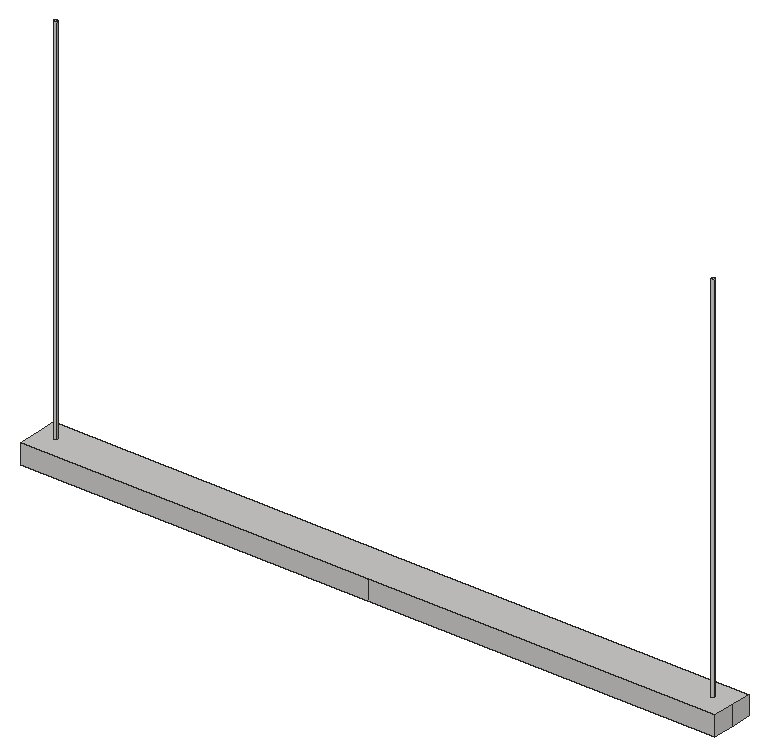
Revit family "Lighting_Pendants_Zero_Grid_Pendant", category Lighting Fixtures, Revit 2020
Family settings
  Round Connector Dimension = Use Diameter
  Part Type = Normal
  OmniClass Number = 23.80.70.00
  OmniClass Title = Lighting
  Work Plane-Based = Yes
  Always vertical = Yes
  Cut with Voids When Loaded = No
  Light Source = Yes
  Shared = No
  Room Calculation Point = No
Parameters (values of type "Grid pendant Expanded LED 1414LM/19W")
  Youtube clip = ""
  Weight Net (Kg) = "4.7"
  Wattage = 9.5192 W
  WarrantyStartDate [instance] = "n/a"
  WarrantyGuarantorParts = "n/a"
  WarrantyGuarantorLabor = "n/a"
  WarrantyDurationUnit = "Year"
  WarrantyDurationParts = "n/a"
  WarrantyDurationLabor = "n/a"
  WarrantyDescription = "n/a"
  built-in parameter 1150110 = 1 (stored number, unit not read)
  VersionDate = "31/08/2023"  # constant formula
  Version = "3"  # constant formula
  UsageCurrent = 0 A
  Uniformat II Description = ""
  Uniformat II Code = ""
  Uniclass2015Reference = "Pr_70_70_48_86"
  Uniclass2015Description = "Suspended luminaires"
  Uniclass2 = "Pr_70_70_49_86"
  Uniclass 2015 Name = "Suspended luminaires"
  Uniclass 2015 Code = "Pr_70_70_48_86"
  Uniclass 2.0 Description = ""
  Uniclass 2.0 Code = ""
  Uniclass 1.4 Description = ""
  Uniclass 1.4 Code = ""
  URL = "https://www.zerolighting.com/grid-inompe/"
  UNSPSC Code = ""
  TotalWattage = 19 W
  built-in parameter 1114217 = 1 (stored number, unit not read)
  Tilt Angle = 90.00°
  built-in parameter 1150109 = 1 (stored number, unit not read)
  built-in parameter 1150134 = (empty or 0)
  Technical description = ""
  TagNumber [instance] = "n/a"
  SustainabilityPerformance = "n/a"
  built-in parameter 1150113 = 1 (stored number, unit not read)
  Size = "1250x96x96 mm"
  Shape = "Rectangle"
  SerialNumber [instance] = "n/a"
  Revision = "5"  # constant formula
  ReplacementCost = "n/a"
  Region South America = "None"
  Region Oceania = "AU, NZ"
  Region North America = "BZ, CR, GT, HN, MX, NI, PA, SV, US"
  Region Middle East = "AE"
  Region Europe = "AD, AL, AT, AX, BA, BE, BG, BY, CH, CY, CZ, DE, DK, EE, ES, FI, FO, FR, GB, GG, GI, GR, HR, HU, IE, IM, IS, IT, JE, LI, LT, LU, LV, MC, MD, ME, MK, MT, NL, NO, PL, PT, RO, RS, RU, SE, SI, SJ, SK, SM, UA, VA"
  Region Asia = "HK, JP, SG"
  Region Antarctica = "None"
  Region Africa = "None"
  ProductInformation = "n/a"
  Product group = "Pendant"
  Product family = "Grid"
  Product certification = ""
  Product SKU = "Grid_pendant"
  Product Guid = "d8272743-f451-4078-9d0f-320cd1069b3e"
  Photometric Web File = "Grid81271.IES"
  PhaseReference = "n/a"
  PhaseAngle = 0.00°
  OmniClass Description = ""
  OmniClass Code = ""
  NumberOfSources = 0
  NumberOfPoles = 1
  Note = "Code varies with colour: -XX = -14 Yellow, -41 Orange, -76 Metal, -77 Gold"
  Nominal_Width = 96 mm
  Nominal_Height = 97.7 mm
  NominalVoltageCalc = 0 V
  NominalVoltage = 230 V
  NominalFrequencyRange = 50 Hz
  NominalCurrent = 0 A
  Nominal_Length = 1250 mm
  Nominal width = 1250 mm
  Nominal height = 96 mm
  Name = "Zero_Grid_Pendant"
  NBSReference = "90-60-50/405"
  NBSDescription = "General purpose luminaires"
  NBS Reference Description = "General-Purpose Luminaires"
  NBS Reference Code = "70-50-34"
  ModelType = grid-pendant-fencing : grid-pendant-fencing
  ModelReference = "n/a"
  ModelNumber = "8127-1-XX"
  Model = "Grid pendant Expanded metal LED 1414LM/19W"
  Material secondary = ""
  Material main = "Steel"
  Material = "Metal"
  Masterformat 2014 Description = ""
  Masterformat 2014 Code = ""
  ManufacturersSpecificInformation = "n/a"
  ManufacturerURL = "https://www.zerolighting.com/"
  ManufacturerName = "Zero"
  Manufacturer name = "ZERO"
  Manufacturer country = "Sweden"
  Manufacturer = "Zero"
  MaintenanceFactor = 0
  Lumens = 1414 lm
  built-in parameter 1150115 = 1 (stored number, unit not read)
  built-in parameter 1150105 = 116.99 (stored number, unit not read)
  LightFixturePlacingType = "Ceiling"
  LightFixtureMountingType = "Suspended"
  LightFixtureMainMaterial [instance] = Metal
  built-in parameter 1150137 = (empty or 0)
  built-in parameter 1150139 = (empty or 0)
  LensMaterial = Glass
  built-in parameter 1150112 = 1 (stored number, unit not read)
  built-in parameter 1150114 = 1 (stored number, unit not read)
  InsulationStandardClass = "n/a"
  InstallationDate [instance] = "n/a"
  Installation instructions = ""
  built-in parameter 1150132 = 2
  built-in parameter 1150102 = (empty or 0)
  built-in parameter 1150138 = (empty or 0)
  built-in parameter 1150107 = 3000 (stored number, unit not read)
  built-in parameter 1150106 = 1.1699 (stored number, unit not read)
  IfcExportType = "NOTDEFINED"  # constant formula
  IfcExportAs = "IfcLightFixtureType"  # constant formula
  IP_Code = "IP20"
  IFC Classification = "Light Fixture"
  HasProtectiveEarth = yes
  GTIN code = ""
  Emit from Rectangle Width = 96 mm
  Emit from Rectangle Length = 1250 mm
  Emit Shape Visible in Rendering = no
  Edition number = 1
  Dimming = "None"
  Grade = "n/a"
  Finish = "Raw finish, welding visible through transparent varnish \r\nand one can see weldings through the transparent varnish"
  Features = "Cable and plug, when HFF without plug"
  ExpectedLife = "n/a"
  ElectricalDeviceNominalPower = 0
  built-in parameter 1150104 = 13.8 (stored number, unit not read)
  EANNumber = "n/a"
  DurationUnit = "Year"
  Dimming Lamp Color Temperature Shift = <None>
  Designer = "Front Design 2011"
  Design country = "Sweden"
  DefaultElevation = 0 mm
  Default Elevation [instance] = 1219.2 mm
  Date of publishing = "5/20/2019"
  Constituents = "n/a"
  Color Filter = 16777215
  Color = "-XX = -14 Yellow, -41 Orange, -76 Metal, -77 Gold"
  Collection = "Grid"
  CodePerformance = "n/a"
  Category = "Pendant"
  CableLength [instance] = 600 mm
  COBIe Type Category = ""
  Brand url = "http://www.zero.se"
  Brand = "Zero"
  Barcode [instance] = "n/a"
  built-in parameter 1114218 = 1 (stored number, unit not read)
  BIMObjectName = "Lighting_Pendants_Zero_Grid_Pendant"  # constant formula
  Author = "BIMstone"  # constant formula
  built-in parameter 1150133 = 10 (stored number, unit not read)
  AssetType = "Fixed"
  AssetIdentifier [instance] = "n/a"
  ArticleNumber = "8127-1-XX"
  Accessories = "Reflector LED (98126-1-82), Pull switch (98131-1-82)"
  AccessibilityPerformance = "n/a"
Reference planes
  plane 1 "Light Source Axis (F/B)": y = 0
  plane 2: z = 0
  plane 3 "Light Source Axis (L/R)": x = 0
  plane 4 "Ceiling": z = 0
  plane 5 "Light Source Elevation": z = -636
  plane 6: y = 48
  plane 7: y = -48
  plane 8: x = -625
  plane 9: x = 625
  plane 10: z = -600
  plane 11: z = -697.7
  plane 12: z = 0
Forms (mm)
  Extrusion 1, solid, material "Metal", detail levels medium+fine
    sketch origin (0, 0, -636) x (-1, 0, 0) y (0, -1, 0)
      loop
        circle (527.583, 0) r 2.5
      loop
        circle (-527.583, 0) r 2.5
    from 36 to 636
  Extrusion 2, solid, material "Metal" <- "LightFixtureMainMaterial", detail levels coarse
    sketch origin (0, 0, 0) x (1, 0, 0) y (0, 0, 1)
      loop
        line (625, 0) -> (-625, 0) -> (-625, -697.7) -> (625, -697.7) -> (625, 0)
    from -48 to 48
Lines and regions (mm)
  symbolic lines, detail levels medium+fine
    curve 1: line (0, -2.5, -600) -> (0, -2.5, 0)
    curve 2: line (0, 2.5, 0) -> (0, 2.5, -600)
    curve 7: line (530.083, 0, 0) -> (530.083, 0, -600)
    curve 8: line (525.083, 0, -600) -> (525.083, 0, 0)
    curve 9: line (-525.083, 0, 0) -> (-525.083, 0, -600)
    curve 10: line (-530.083, 0, -600) -> (-530.083, 0, 0)
  symbolic lines, detail levels coarse
    curve 3: line (625, 0, -697.7) -> (-625, 0, -697.7)
    curve 4: line (625, 0, 0) -> (625, 0, -697.7)
    curve 5: line (-625, 0, 0) -> (625, 0, 0)
    curve 6: line (-625, 0, -697.7) -> (-625, 0, 0)
    curve 11: line (0, 48, 0) -> (0, -48, 0)
    curve 12: line (0, 48, -697.7) -> (0, 48, 0)
    curve 13: line (0, -48, -697.7) -> (0, 48, -697.7)
    curve 14: line (0, -48, 0) -> (0, -48, -697.7)
    curve 16: line (625, -48, 0) -> (625, 48, 0)
    curve 18: line (-625, 48, 0) -> (-625, -48, 0)
  symbolic lines
    curve 15: line (625, 48, 0) -> (-625, 48, 0)
    curve 17: line (-625, -48, 0) -> (625, -48, 0)
Dimensions and locks
  equal spacing: plane 6, plane 1 "Light Source Axis (F/B)", plane 7
  "Nominal_Width": plane 6 to plane 7
  equal spacing: plane 8, plane 3 "Light Source Axis (L/R)", plane 9
  "Nominal_Length": plane 8 to plane 9
  "CableLength": plane 10 to level
  "Nominal_Height": plane 11 to plane 10
  plane 5 "Light Source Elevation" to plane 10 = 36 mm
  aligned and locked: plane 3 "Light Source Axis (L/R)" to imposter light
  aligned and locked: plane 1 "Light Source Axis (F/B)" to imposter light
  aligned and locked: plane 5 "Light Source Elevation" to imposter light
  aligned and locked: level to Extrusion 1
  aligned and locked: Extrusion 1 to plane 10
  aligned and locked: Extrusion 1 to level
  aligned and locked: curve 5 to plane 2
  aligned and locked: curve 6 to plane 8
  aligned and locked: curve 8 to Extrusion 1
  aligned and locked: curve 9 to Extrusion 1
  aligned and locked: curve 10 to Extrusion 1
  aligned and locked: level to curve 11
  aligned and locked: plane 6 to curve 12
  aligned and locked: curve 15 to plane 6
  aligned and locked: plane 9 to curve 16
  aligned and locked: curve 17 to plane 7
  aligned and locked: curve 18 to plane 8
  aligned and locked: plane 10 to nested 1
  aligned and locked: Extrusion 2 sketch curve to curve 3
  aligned and locked: Extrusion 2 sketch curve to curve 6
  aligned and locked: plane 9 to Extrusion 2 sketch curve
  aligned and locked: plane 6 to Extrusion 2
  aligned and locked: Extrusion 2 to plane 7
Automatic sketch dimensions
  plane 1 "Light Source Axis (F/B)" to Extrusion 1 sketch curve = 0 mm  (x2)
  plane 9 to Extrusion 1 sketch curve = 97.417 mm
  Extrusion 1 sketch curve to plane 8 = 97.417 mm
  curve 10 to plane 10 = 0 mm
  curve 7 to plane 10 = 0 mm
  curve 8 to plane 10 = 0 mm
  curve 9 to plane 10 = 0 mm
  curve 8 to curve 7 = 5 mm
  plane 10 to curve 1 = 0 mm
  plane 10 to curve 2 = 0 mm
  plane 1 "Light Source Axis (F/B)" to curve 1 = 2.5 mm
  curve 2 to plane 1 "Light Source Axis (F/B)" = 2.5 mm
  curve 11 to plane 7 = 0 mm
  curve 12 to plane 11 = 0 mm
  plane 9 to curve 4 = 0 mm
  curve 3 to plane 11 = 0 mm
  Extrusion 2 sketch curve to level = 0 mm
Nested families
  nested 1: "grid-pendant-fencing" at (0, 0, -697.697), type <- "ModelType", GridMaterial <- "LightFixtureMainMaterial", LightMaterial <- "LightFixtureMainMaterial", type "grid-pendant-fencing"
    with LightMaterial Metal, GridMaterial Metal
Connectors
  electrical at (527.583, 0, 0), driven by "NominalVoltage"
    settings: on Extrusion 1, index 1, voltage 230 V, apparent load 0 VA, apparent load phase1 0 VA, apparent load phase2 0 VA, apparent load phase3 0 VA, power factor 1, load classification "Other", number of poles 1, system type 31, power factor state 1, is connector primary yes, connector utility no, sub classification motor no, connector description ""
Definition of nested family "grid-pendant-fencing"
  Parameters (values of type "grid-pendant-fencing")
    LightMaterial [instance] = none
    GridMaterial [instance] = none
    Default Elevation = 0 mm
  Reference planes
    plane 1 "Center (Front/Back)": y = 0
    plane 2: z = 0
    plane 3 "Center (Left/Right)": x = 0
  Forms (mm)
    Extrusion 1, solid, material <- "LightMaterial", detail levels medium+fine
      sketch origin (0, 0, 0.849) x (1, 0, 0) y (0, 1, 0)
        loop
          line (-557.205, 33.529) -> (-557.205, 0) -> (-557.205, -33.529) -> (0, -33.529) -> (557.205, -33.529) -> (557.205, 0) -> (557.205, 33.529) -> (0, 33.529) -> (-557.205, 33.529)
      from 63.465 to 94.802
  Lines and regions (mm)
    model lines, detail levels medium+fine
      curve 1: line (625, 47.747, 0) -> (-625.035, 47.747, 0)
      curve 2: line (-625.035, 46.899, 0) -> (-625.035, 47.747, 0)
      curve 3: line (-625.029, -48.253, 0) -> (625, -48.253, 0)
      curve 4: line (625, -48.253, 0) -> (625, 47.747, 0)
      curve 5: line (-624.479, 47.747, 0) -> (-576.461, -48.253, 0)
      curve 6: line (-625, 24.797, 0) -> (-588.461, -48.253, 0)
      curve 7: line (-625, 0.806, 0) -> (-600.461, -48.253, 0)
      curve 8: line (-625, -23.185, 0) -> (-612.461, -48.253, 0)
      curve 9: line (-612.479, 47.747, 0) -> (-564.461, -48.253, 0)
      curve 10: line (-600.479, 47.747, 0) -> (-552.461, -48.253, 0)
      curve 11: line (-588.479, 47.747, 0) -> (-540.461, -48.253, 0)
      curve 12: line (-576.479, 47.747, 0) -> (-528.461, -48.253, 0)
      curve 13: line (-564.479, 47.747, 0) -> (-516.461, -48.253, 0)
      curve 14: line (-552.479, 47.747, 0) -> (-504.461, -48.253, 0)
      curve 15: line (-540.479, 47.747, 0) -> (-492.461, -48.253, 0)
      curve 16: line (-528.479, 47.747, 0) -> (-480.461, -48.253, 0)
      curve 17: line (-516.479, 47.747, 0) -> (-468.461, -48.253, 0)
      curve 18: line (-504.479, 47.747, 0) -> (-456.461, -48.253, 0)
      curve 19: line (-492.479, 47.747, 0) -> (-444.461, -48.253, 0)
      curve 20: line (-480.479, 47.747, 0) -> (-432.461, -48.253, 0)
      curve 21: line (-468.479, 47.747, 0) -> (-420.461, -48.253, 0)
      curve 22: line (-456.479, 47.747, 0) -> (-408.461, -48.253, 0)
      curve 23: line (-444.479, 47.747, 0) -> (-396.461, -48.253, 0)
      curve 24: line (-432.479, 47.747, 0) -> (-384.461, -48.253, 0)
      curve 25: line (-420.479, 47.747, 0) -> (-372.461, -48.253, 0)
      curve 26: line (-408.479, 47.747, 0) -> (-360.461, -48.253, 0)
      curve 27: line (-396.479, 47.747, 0) -> (-348.461, -48.253, 0)
      curve 28: line (-384.479, 47.747, 0) -> (-336.461, -48.253, 0)
      curve 29: line (-372.479, 47.747, 0) -> (-324.461, -48.253, 0)
      curve 30: line (-360.479, 47.747, 0) -> (-312.461, -48.253, 0)
      curve 31: line (-348.479, 47.747, 0) -> (-300.461, -48.253, 0)
      curve 32: line (-336.479, 47.747, 0) -> (-288.461, -48.253, 0)
      curve 33: line (-324.479, 47.747, 0) -> (-276.461, -48.253, 0)
      curve 34: line (-312.479, 47.747, 0) -> (-264.461, -48.253, 0)
      curve 35: line (-300.479, 47.747, 0) -> (-252.461, -48.253, 0)
      curve 36: line (-288.479, 47.747, 0) -> (-240.461, -48.253, 0)
      curve 37: line (-276.479, 47.747, 0) -> (-228.461, -48.253, 0)
      curve 38: line (-264.479, 47.747, 0) -> (-216.461, -48.253, 0)
      curve 39: line (-252.479, 47.747, 0) -> (-204.461, -48.253, 0)
      curve 40: line (-240.479, 47.747, 0) -> (-192.461, -48.253, 0)
      curve 41: line (-228.479, 47.747, 0) -> (-180.461, -48.253, 0)
      curve 42: line (-216.479, 47.747, 0) -> (-168.461, -48.253, 0)
      curve 43: line (-204.479, 47.747, 0) -> (-156.461, -48.253, 0)
      curve 44: line (-192.479, 47.747, 0) -> (-144.461, -48.253, 0)
      curve 45: line (-180.479, 47.747, 0) -> (-132.461, -48.253, 0)
      curve 46: line (-168.479, 47.747, 0) -> (-120.461, -48.253, 0)
      curve 47: line (-156.479, 47.747, 0) -> (-108.461, -48.253, 0)
      curve 48: line (-144.479, 47.747, 0) -> (-96.461, -48.253, 0)
      curve 49: line (-132.479, 47.747, 0) -> (-84.461, -48.253, 0)
      curve 50: line (-120.479, 47.747, 0) -> (-72.461, -48.253, 0)
      curve 51: line (-108.479, 47.747, 0) -> (-60.461, -48.253, 0)
      curve 52: line (-96.479, 47.747, 0) -> (-48.461, -48.253, 0)
      curve 53: line (-84.479, 47.747, 0) -> (-36.461, -48.253, 0)
      curve 54: line (-72.479, 47.747, 0) -> (-24.461, -48.253, 0)
      curve 55: line (-60.479, 47.747, 0) -> (-12.461, -48.253, 0)
      curve 56: line (-48.479, 47.747, 0) -> (-0.461, -48.253, 0)
      curve 57: line (-36.479, 47.747, 0) -> (11.539, -48.253, 0)
      curve 58: line (-24.479, 47.747, 0) -> (23.539, -48.253, 0)
      curve 59: line (-12.479, 47.747, 0) -> (35.539, -48.253, 0)
      curve 60: line (-0.479, 47.747, 0) -> (47.539, -48.253, 0)
      curve 61: line (11.521, 47.747, 0) -> (59.539, -48.253, 0)
      curve 62: line (23.521, 47.747, 0) -> (71.539, -48.253, 0)
      curve 63: line (35.521, 47.747, 0) -> (83.539, -48.253, 0)
      curve 64: line (47.521, 47.747, 0) -> (95.539, -48.253, 0)
      curve 65: line (59.521, 47.747, 0) -> (107.539, -48.253, 0)
      curve 66: line (71.521, 47.747, 0) -> (119.539, -48.253, 0)
      curve 67: line (83.521, 47.747, 0) -> (131.539, -48.253, 0)
      curve 68: line (95.521, 47.747, 0) -> (143.539, -48.253, 0)
      curve 69: line (107.521, 47.747, 0) -> (155.539, -48.253, 0)
      curve 70: line (119.521, 47.747, 0) -> (167.539, -48.253, 0)
      curve 71: line (131.521, 47.747, 0) -> (179.539, -48.253, 0)
      curve 72: line (143.521, 47.747, 0) -> (191.539, -48.253, 0)
      curve 73: line (155.521, 47.747, 0) -> (203.539, -48.253, 0)
      curve 74: line (167.521, 47.747, 0) -> (215.539, -48.253, 0)
      curve 75: line (179.521, 47.747, 0) -> (227.539, -48.253, 0)
      curve 76: line (191.521, 47.747, 0) -> (239.539, -48.253, 0)
      curve 77: line (203.521, 47.747, 0) -> (251.539, -48.253, 0)
      curve 78: line (215.521, 47.747, 0) -> (263.539, -48.253, 0)
      curve 79: line (227.521, 47.747, 0) -> (275.539, -48.253, 0)
      curve 80: line (239.521, 47.747, 0) -> (287.539, -48.253, 0)
      curve 81: line (251.521, 47.747, 0) -> (299.539, -48.253, 0)
      curve 82: line (263.521, 47.747, 0) -> (311.539, -48.253, 0)
      curve 83: line (275.521, 47.747, 0) -> (323.539, -48.253, 0)
      curve 84: line (287.521, 47.747, 0) -> (335.539, -48.253, 0)
      curve 85: line (299.521, 47.747, 0) -> (347.539, -48.253, 0)
      curve 86: line (311.521, 47.747, 0) -> (359.539, -48.253, 0)
      curve 87: line (323.521, 47.747, 0) -> (371.539, -48.253, 0)
      curve 88: line (335.521, 47.747, 0) -> (383.539, -48.253, 0)
      curve 89: line (347.521, 47.747, 0) -> (395.539, -48.253, 0)
      curve 90: line (359.521, 47.747, 0) -> (407.539, -48.253, 0)
      curve 91: line (371.521, 47.747, 0) -> (419.539, -48.253, 0)
      curve 92: line (383.521, 47.747, 0) -> (431.539, -48.253, 0)
      curve 93: line (395.521, 47.747, 0) -> (443.539, -48.253, 0)
      curve 94: line (407.521, 47.747, 0) -> (455.539, -48.253, 0)
      curve 95: line (419.521, 47.747, 0) -> (467.539, -48.253, 0)
      curve 96: line (431.521, 47.747, 0) -> (479.539, -48.253, 0)
      curve 97: line (443.521, 47.747, 0) -> (491.539, -48.253, 0)
      curve 98: line (455.521, 47.747, 0) -> (503.539, -48.253, 0)
      curve 99: line (467.521, 47.747, 0) -> (515.539, -48.253, 0)
      curve 100: line (479.521, 47.747, 0) -> (527.539, -48.253, 0)
      curve 101: line (491.521, 47.747, 0) -> (539.539, -48.253, 0)
      curve 102: line (503.521, 47.747, 0) -> (551.539, -48.253, 0)
      curve 103: line (515.521, 47.747, 0) -> (563.539, -48.253, 0)
      curve 104: line (527.521, 47.747, 0) -> (575.539, -48.253, 0)
      curve 105: line (539.521, 47.747, 0) -> (587.539, -48.253, 0)
      curve 106: line (551.521, 47.747, 0) -> (599.539, -48.253, 0)
      curve 107: line (563.521, 47.747, 0) -> (611.539, -48.253, 0)
      curve 108: line (575.521, 47.747, 0) -> (623.539, -48.253, 0)
      curve 109: line (587.521, 47.747, 0) -> (625, -27.183, 0)
      curve 110: line (599.521, 47.747, 0) -> (625, -3.192, 0)
      curve 111: line (611.521, 47.747, 0) -> (625, 20.799, 0)
      curve 112: line (623.521, 47.747, 0) -> (625, 44.79, 0)
      curve 113: line (-625.035, 47.747, 0) -> (625, 47.747, 0)
      curve 114: line (625, -48.253, 0) -> (-625.029, -48.253, 0)
      curve 115: line (624.479, 47.747, 0) -> (576.461, -48.253, 0)
      curve 116: line (625, 24.797, 0) -> (588.461, -48.253, 0)
      curve 117: line (625, 0.806, 0) -> (600.461, -48.253, 0)
      curve 118: line (625, -23.185, 0) -> (612.461, -48.253, 0)
      curve 119: line (612.479, 47.747, 0) -> (564.461, -48.253, 0)
      curve 120: line (600.479, 47.747, 0) -> (552.461, -48.253, 0)
      curve 121: line (588.479, 47.747, 0) -> (540.461, -48.253, 0)
      curve 122: line (576.479, 47.747, 0) -> (528.461, -48.253, 0)
      curve 123: line (564.479, 47.747, 0) -> (516.461, -48.253, 0)
      curve 124: line (552.479, 47.747, 0) -> (504.461, -48.253, 0)
      curve 125: line (540.479, 47.747, 0) -> (492.461, -48.253, 0)
      curve 126: line (528.479, 47.747, 0) -> (480.461, -48.253, 0)
      curve 127: line (516.479, 47.747, 0) -> (468.461, -48.253, 0)
      curve 128: line (504.479, 47.747, 0) -> (456.461, -48.253, 0)
      curve 129: line (492.479, 47.747, 0) -> (444.461, -48.253, 0)
      curve 130: line (480.479, 47.747, 0) -> (432.461, -48.253, 0)
      curve 131: line (468.479, 47.747, 0) -> (420.461, -48.253, 0)
      curve 132: line (456.479, 47.747, 0) -> (408.461, -48.253, 0)
      curve 133: line (444.479, 47.747, 0) -> (396.461, -48.253, 0)
      curve 134: line (432.479, 47.747, 0) -> (384.461, -48.253, 0)
      curve 135: line (420.479, 47.747, 0) -> (372.461, -48.253, 0)
      curve 136: line (408.479, 47.747, 0) -> (360.461, -48.253, 0)
      curve 137: line (396.479, 47.747, 0) -> (348.461, -48.253, 0)
      curve 138: line (384.479, 47.747, 0) -> (336.461, -48.253, 0)
      curve 139: line (372.479, 47.747, 0) -> (324.461, -48.253, 0)
      curve 140: line (360.479, 47.747, 0) -> (312.461, -48.253, 0)
      curve 141: line (348.479, 47.747, 0) -> (300.461, -48.253, 0)
      curve 142: line (336.479, 47.747, 0) -> (288.461, -48.253, 0)
      curve 143: line (324.479, 47.747, 0) -> (276.461, -48.253, 0)
      curve 144: line (312.479, 47.747, 0) -> (264.461, -48.253, 0)
      curve 145: line (300.479, 47.747, 0) -> (252.461, -48.253, 0)
      curve 146: line (288.479, 47.747, 0) -> (240.461, -48.253, 0)
      curve 147: line (276.479, 47.747, 0) -> (228.461, -48.253, 0)
      curve 148: line (264.479, 47.747, 0) -> (216.461, -48.253, 0)
      curve 149: line (252.479, 47.747, 0) -> (204.461, -48.253, 0)
      curve 150: line (240.479, 47.747, 0) -> (192.461, -48.253, 0)
      curve 151: line (228.479, 47.747, 0) -> (180.461, -48.253, 0)
      curve 152: line (216.479, 47.747, 0) -> (168.461, -48.253, 0)
      curve 153: line (204.479, 47.747, 0) -> (156.461, -48.253, 0)
      curve 154: line (192.479, 47.747, 0) -> (144.461, -48.253, 0)
      curve 155: line (180.479, 47.747, 0) -> (132.461, -48.253, 0)
      curve 156: line (168.479, 47.747, 0) -> (120.461, -48.253, 0)
      curve 157: line (156.479, 47.747, 0) -> (108.461, -48.253, 0)
      curve 158: line (144.479, 47.747, 0) -> (96.461, -48.253, 0)
      curve 159: line (132.479, 47.747, 0) -> (84.461, -48.253, 0)
      curve 160: line (120.479, 47.747, 0) -> (72.461, -48.253, 0)
      curve 161: line (108.479, 47.747, 0) -> (60.461, -48.253, 0)
      curve 162: line (96.479, 47.747, 0) -> (48.461, -48.253, 0)
      curve 163: line (84.479, 47.747, 0) -> (36.461, -48.253, 0)
      curve 164: line (72.479, 47.747, 0) -> (24.461, -48.253, 0)
      curve 165: line (60.479, 47.747, 0) -> (12.461, -48.253, 0)
      curve 166: line (48.479, 47.747, 0) -> (0.461, -48.253, 0)
      curve 167: line (36.479, 47.747, 0) -> (-11.539, -48.253, 0)
      curve 168: line (24.479, 47.747, 0) -> (-23.539, -48.253, 0)
      curve 169: line (12.479, 47.747, 0) -> (-35.539, -48.253, 0)
      curve 170: line (0.479, 47.747, 0) -> (-47.539, -48.253, 0)
      curve 171: line (-11.521, 47.747, 0) -> (-59.539, -48.253, 0)
      curve 172: line (-23.521, 47.747, 0) -> (-71.539, -48.253, 0)
      curve 173: line (-35.521, 47.747, 0) -> (-83.539, -48.253, 0)
      curve 174: line (-47.521, 47.747, 0) -> (-95.539, -48.253, 0)
      curve 175: line (-59.521, 47.747, 0) -> (-107.539, -48.253, 0)
      curve 176: line (-71.521, 47.747, 0) -> (-119.539, -48.253, 0)
      curve 177: line (-83.521, 47.747, 0) -> (-131.539, -48.253, 0)
      curve 178: line (-95.521, 47.747, 0) -> (-143.539, -48.253, 0)
      curve 179: line (-107.521, 47.747, 0) -> (-155.539, -48.253, 0)
      curve 180: line (-119.521, 47.747, 0) -> (-167.539, -48.253, 0)
      curve 181: line (-131.521, 47.747, 0) -> (-179.539, -48.253, 0)
      curve 182: line (-143.521, 47.747, 0) -> (-191.539, -48.253, 0)
      curve 183: line (-155.521, 47.747, 0) -> (-203.539, -48.253, 0)
      curve 184: line (-167.521, 47.747, 0) -> (-215.539, -48.253, 0)
      curve 185: line (-179.521, 47.747, 0) -> (-227.539, -48.253, 0)
      curve 186: line (-191.521, 47.747, 0) -> (-239.539, -48.253, 0)
      curve 187: line (-203.521, 47.747, 0) -> (-251.539, -48.253, 0)
      curve 188: line (-215.521, 47.747, 0) -> (-263.539, -48.253, 0)
      curve 189: line (-227.521, 47.747, 0) -> (-275.539, -48.253, 0)
      curve 190: line (-239.521, 47.747, 0) -> (-287.539, -48.253, 0)
      curve 191: line (-251.521, 47.747, 0) -> (-299.539, -48.253, 0)
      curve 192: line (-263.521, 47.747, 0) -> (-311.539, -48.253, 0)
      curve 193: line (-275.521, 47.747, 0) -> (-323.539, -48.253, 0)
      curve 194: line (-287.521, 47.747, 0) -> (-335.539, -48.253, 0)
      curve 195: line (-299.521, 47.747, 0) -> (-347.539, -48.253, 0)
      curve 196: line (-311.521, 47.747, 0) -> (-359.539, -48.253, 0)
      curve 197: line (-323.521, 47.747, 0) -> (-371.539, -48.253, 0)
      curve 198: line (-335.521, 47.747, 0) -> (-383.539, -48.253, 0)
      curve 199: line (-347.521, 47.747, 0) -> (-395.539, -48.253, 0)
      curve 200: line (-359.521, 47.747, 0) -> (-407.539, -48.253, 0)
      curve 201: line (-371.521, 47.747, 0) -> (-419.539, -48.253, 0)
      curve 202: line (-383.521, 47.747, 0) -> (-431.539, -48.253, 0)
      curve 203: line (-395.521, 47.747, 0) -> (-443.539, -48.253, 0)
      curve 204: line (-407.521, 47.747, 0) -> (-455.539, -48.253, 0)
      curve 205: line (-419.521, 47.747, 0) -> (-467.539, -48.253, 0)
      curve 206: line (-431.521, 47.747, 0) -> (-479.539, -48.253, 0)
      curve 207: line (-443.521, 47.747, 0) -> (-491.539, -48.253, 0)
      curve 208: line (-455.521, 47.747, 0) -> (-503.539, -48.253, 0)
      curve 209: line (-467.521, 47.747, 0) -> (-515.539, -48.253, 0)
      curve 210: line (-479.521, 47.747, 0) -> (-527.539, -48.253, 0)
      curve 211: line (-491.521, 47.747, 0) -> (-539.539, -48.253, 0)
      curve 212: line (-503.521, 47.747, 0) -> (-551.539, -48.253, 0)
      curve 213: line (-515.521, 47.747, 0) -> (-563.539, -48.253, 0)
      curve 214: line (-527.521, 47.747, 0) -> (-575.539, -48.253, 0)
      curve 215: line (-539.521, 47.747, 0) -> (-587.539, -48.253, 0)
      curve 216: line (-551.521, 47.747, 0) -> (-599.539, -48.253, 0)
      curve 217: line (-563.521, 47.747, 0) -> (-611.539, -48.253, 0)
      curve 218: line (-575.521, 47.747, 0) -> (-623.539, -48.253, 0)
      curve 219: line (-587.521, 47.747, 0) -> (-625, -27.183, 0)
      curve 220: line (-599.521, 47.747, 0) -> (-625, -3.192, 0)
      curve 221: line (-611.521, 47.747, 0) -> (-625, 20.799, 0)
      curve 222: line (-623.521, 47.747, 0) -> (-625, 44.79, 0)
      curve 223: line (625, 47.747, 0) -> (-625.035, 47.747, 0)
      curve 224: line (-625.029, -48.253, 0) -> (625, -48.253, 0)
      curve 225: line (-624.473, 47.747, 0) -> (-576.455, -48.253, 0)
      curve 226: line (-625, 24.81, 0) -> (-588.455, -48.253, 0)
      curve 227: line (-625, 0.819, 0) -> (-600.455, -48.253, 0)
      curve 228: line (-625, -23.172, 0) -> (-612.455, -48.253, 0)
      curve 229: line (-612.473, 47.747, 0) -> (-564.455, -48.253, 0)
      curve 230: line (-600.473, 47.747, 0) -> (-552.455, -48.253, 0)
      curve 231: line (-588.473, 47.747, 0) -> (-540.455, -48.253, 0)
      curve 232: line (-576.473, 47.747, 0) -> (-528.455, -48.253, 0)
      curve 233: line (-564.473, 47.747, 0) -> (-516.455, -48.253, 0)
      curve 234: line (-552.473, 47.747, 0) -> (-504.455, -48.253, 0)
      curve 235: line (-540.473, 47.747, 0) -> (-492.455, -48.253, 0)
      curve 236: line (-528.473, 47.747, 0) -> (-480.455, -48.253, 0)
      curve 237: line (-516.473, 47.747, 0) -> (-468.455, -48.253, 0)
      curve 238: line (-504.473, 47.747, 0) -> (-456.455, -48.253, 0)
      curve 239: line (-492.473, 47.747, 0) -> (-444.455, -48.253, 0)
      curve 240: line (-480.473, 47.747, 0) -> (-432.455, -48.253, 0)
      curve 241: line (-468.473, 47.747, 0) -> (-420.455, -48.253, 0)
      curve 242: line (-456.473, 47.747, 0) -> (-408.455, -48.253, 0)
      curve 243: line (-444.473, 47.747, 0) -> (-396.455, -48.253, 0)
      curve 244: line (-432.473, 47.747, 0) -> (-384.455, -48.253, 0)
      curve 245: line (-420.473, 47.747, 0) -> (-372.455, -48.253, 0)
      curve 246: line (-408.473, 47.747, 0) -> (-360.455, -48.253, 0)
      curve 247: line (-396.473, 47.747, 0) -> (-348.455, -48.253, 0)
      curve 248: line (-384.473, 47.747, 0) -> (-336.455, -48.253, 0)
      curve 249: line (-372.473, 47.747, 0) -> (-324.455, -48.253, 0)
      curve 250: line (-360.473, 47.747, 0) -> (-312.455, -48.253, 0)
      curve 251: line (-348.473, 47.747, 0) -> (-300.455, -48.253, 0)
      curve 252: line (-336.473, 47.747, 0) -> (-288.455, -48.253, 0)
      curve 253: line (-324.473, 47.747, 0) -> (-276.455, -48.253, 0)
      curve 254: line (-312.473, 47.747, 0) -> (-264.455, -48.253, 0)
      curve 255: line (-300.473, 47.747, 0) -> (-252.455, -48.253, 0)
      curve 256: line (-288.473, 47.747, 0) -> (-240.455, -48.253, 0)
      curve 257: line (-276.473, 47.747, 0) -> (-228.455, -48.253, 0)
      curve 258: line (-264.473, 47.747, 0) -> (-216.455, -48.253, 0)
      curve 259: line (-252.473, 47.747, 0) -> (-204.455, -48.253, 0)
      curve 260: line (-240.473, 47.747, 0) -> (-192.455, -48.253, 0)
      curve 261: line (-228.473, 47.747, 0) -> (-180.455, -48.253, 0)
      curve 262: line (-216.473, 47.747, 0) -> (-168.455, -48.253, 0)
      curve 263: line (-204.473, 47.747, 0) -> (-156.455, -48.253, 0)
      curve 264: line (-192.473, 47.747, 0) -> (-144.455, -48.253, 0)
      curve 265: line (-180.473, 47.747, 0) -> (-132.455, -48.253, 0)
      curve 266: line (-168.473, 47.747, 0) -> (-120.455, -48.253, 0)
      curve 267: line (-156.473, 47.747, 0) -> (-108.455, -48.253, 0)
      curve 268: line (-144.473, 47.747, 0) -> (-96.455, -48.253, 0)
      curve 269: line (-132.473, 47.747, 0) -> (-84.455, -48.253, 0)
      curve 270: line (-120.473, 47.747, 0) -> (-72.455, -48.253, 0)
      curve 271: line (-108.473, 47.747, 0) -> (-60.455, -48.253, 0)
      curve 272: line (-96.473, 47.747, 0) -> (-48.455, -48.253, 0)
      curve 273: line (-84.473, 47.747, 0) -> (-36.455, -48.253, 0)
      curve 274: line (-72.473, 47.747, 0) -> (-24.455, -48.253, 0)
      curve 275: line (-60.473, 47.747, 0) -> (-12.455, -48.253, 0)
      curve 276: line (-48.473, 47.747, 0) -> (-0.455, -48.253, 0)
      curve 277: line (-36.473, 47.747, 0) -> (11.545, -48.253, 0)
      curve 278: line (-24.473, 47.747, 0) -> (23.545, -48.253, 0)
      curve 279: line (-12.473, 47.747, 0) -> (35.545, -48.253, 0)
      curve 280: line (-0.473, 47.747, 0) -> (47.545, -48.253, 0)
      curve 281: line (11.527, 47.747, 0) -> (59.545, -48.253, 0)
      curve 282: line (23.527, 47.747, 0) -> (71.545, -48.253, 0)
      curve 283: line (35.527, 47.747, 0) -> (83.545, -48.253, 0)
      curve 284: line (47.527, 47.747, 0) -> (95.545, -48.253, 0)
      curve 285: line (59.527, 47.747, 0) -> (107.545, -48.253, 0)
      curve 286: line (71.527, 47.747, 0) -> (119.545, -48.253, 0)
      curve 287: line (83.527, 47.747, 0) -> (131.545, -48.253, 0)
      curve 288: line (95.527, 47.747, 0) -> (143.545, -48.253, 0)
      curve 289: line (107.527, 47.747, 0) -> (155.545, -48.253, 0)
      curve 290: line (119.527, 47.747, 0) -> (167.545, -48.253, 0)
      curve 291: line (131.527, 47.747, 0) -> (179.545, -48.253, 0)
      curve 292: line (143.527, 47.747, 0) -> (191.545, -48.253, 0)
      curve 293: line (155.527, 47.747, 0) -> (203.545, -48.253, 0)
      curve 294: line (167.527, 47.747, 0) -> (215.545, -48.253, 0)
      curve 295: line (179.527, 47.747, 0) -> (227.545, -48.253, 0)
      curve 296: line (191.527, 47.747, 0) -> (239.545, -48.253, 0)
      curve 297: line (203.527, 47.747, 0) -> (251.545, -48.253, 0)
      curve 298: line (215.527, 47.747, 0) -> (263.545, -48.253, 0)
      curve 299: line (227.527, 47.747, 0) -> (275.545, -48.253, 0)
      curve 300: line (239.527, 47.747, 0) -> (287.545, -48.253, 0)
      curve 301: line (251.527, 47.747, 0) -> (299.545, -48.253, 0)
      curve 302: line (263.527, 47.747, 0) -> (311.545, -48.253, 0)
      curve 303: line (275.527, 47.747, 0) -> (323.545, -48.253, 0)
      curve 304: line (287.527, 47.747, 0) -> (335.545, -48.253, 0)
      curve 305: line (299.527, 47.747, 0) -> (347.545, -48.253, 0)
      curve 306: line (311.527, 47.747, 0) -> (359.545, -48.253, 0)
      curve 307: line (323.527, 47.747, 0) -> (371.545, -48.253, 0)
      curve 308: line (335.527, 47.747, 0) -> (383.545, -48.253, 0)
      curve 309: line (347.527, 47.747, 0) -> (395.545, -48.253, 0)
      curve 310: line (359.527, 47.747, 0) -> (407.545, -48.253, 0)
      curve 311: line (371.527, 47.747, 0) -> (419.545, -48.253, 0)
      curve 312: line (383.527, 47.747, 0) -> (431.545, -48.253, 0)
      curve 313: line (395.527, 47.747, 0) -> (443.545, -48.253, 0)
      curve 314: line (407.527, 47.747, 0) -> (455.545, -48.253, 0)
      curve 315: line (419.527, 47.747, 0) -> (467.545, -48.253, 0)
      curve 316: line (431.527, 47.747, 0) -> (479.545, -48.253, 0)
      curve 317: line (443.527, 47.747, 0) -> (491.545, -48.253, 0)
      curve 318: line (455.527, 47.747, 0) -> (503.545, -48.253, 0)
      curve 319: line (467.527, 47.747, 0) -> (515.545, -48.253, 0)
      curve 320: line (479.527, 47.747, 0) -> (527.545, -48.253, 0)
      curve 321: line (491.527, 47.747, 0) -> (539.545, -48.253, 0)
      curve 322: line (503.527, 47.747, 0) -> (551.545, -48.253, 0)
      curve 323: line (515.527, 47.747, 0) -> (563.545, -48.253, 0)
      curve 324: line (527.527, 47.747, 0) -> (575.545, -48.253, 0)
      curve 325: line (539.527, 47.747, 0) -> (587.545, -48.253, 0)
      curve 326: line (551.527, 47.747, 0) -> (599.545, -48.253, 0)
      curve 327: line (563.527, 47.747, 0) -> (611.545, -48.253, 0)
      curve 328: line (575.527, 47.747, 0) -> (623.545, -48.253, 0)
      curve 329: line (587.527, 47.747, 0) -> (625, -27.17, 0)
      curve 330: line (599.527, 47.747, 0) -> (625, -3.18, 0)
      curve 331: line (611.527, 47.747, 0) -> (625, 20.811, 0)
      curve 332: line (-625.035, 47.747, 0) -> (625, 47.747, 0)
      curve 333: line (625, -48.253, 0) -> (-625.029, -48.253, 0)
      curve 334: line (624.486, 47.747, 0) -> (576.468, -48.253, 0)
      curve 335: line (625, 24.785, 0) -> (588.468, -48.253, 0)
      curve 336: line (625, 0.794, 0) -> (600.468, -48.253, 0)
      curve 337: line (625, -23.197, 0) -> (612.468, -48.253, 0)
      curve 338: line (612.486, 47.747, 0) -> (564.468, -48.253, 0)
      curve 339: line (600.486, 47.747, 0) -> (552.468, -48.253, 0)
      curve 340: line (588.486, 47.747, 0) -> (540.468, -48.253, 0)
      curve 341: line (576.486, 47.747, 0) -> (528.468, -48.253, 0)
      curve 342: line (564.486, 47.747, 0) -> (516.468, -48.253, 0)
      curve 343: line (552.486, 47.747, 0) -> (504.468, -48.253, 0)
      curve 344: line (540.486, 47.747, 0) -> (492.468, -48.253, 0)
      curve 345: line (528.486, 47.747, 0) -> (480.468, -48.253, 0)
      curve 346: line (516.486, 47.747, 0) -> (468.468, -48.253, 0)
      curve 347: line (504.486, 47.747, 0) -> (456.468, -48.253, 0)
      curve 348: line (492.486, 47.747, 0) -> (444.468, -48.253, 0)
      curve 349: line (480.486, 47.747, 0) -> (432.468, -48.253, 0)
      curve 350: line (468.486, 47.747, 0) -> (420.468, -48.253, 0)
      curve 351: line (456.486, 47.747, 0) -> (408.468, -48.253, 0)
      curve 352: line (444.486, 47.747, 0) -> (396.468, -48.253, 0)
      curve 353: line (432.486, 47.747, 0) -> (384.468, -48.253, 0)
      curve 354: line (420.486, 47.747, 0) -> (372.468, -48.253, 0)
      curve 355: line (408.486, 47.747, 0) -> (360.468, -48.253, 0)
      curve 356: line (396.486, 47.747, 0) -> (348.468, -48.253, 0)
      curve 357: line (384.486, 47.747, 0) -> (336.468, -48.253, 0)
      curve 358: line (372.486, 47.747, 0) -> (324.468, -48.253, 0)
      curve 359: line (360.486, 47.747, 0) -> (312.468, -48.253, 0)
      curve 360: line (348.486, 47.747, 0) -> (300.468, -48.253, 0)
      curve 361: line (336.486, 47.747, 0) -> (288.468, -48.253, 0)
      curve 362: line (324.486, 47.747, 0) -> (276.468, -48.253, 0)
      curve 363: line (312.486, 47.747, 0) -> (264.468, -48.253, 0)
      curve 364: line (300.486, 47.747, 0) -> (252.468, -48.253, 0)
      curve 365: line (288.486, 47.747, 0) -> (240.468, -48.253, 0)
      curve 366: line (276.486, 47.747, 0) -> (228.468, -48.253, 0)
      curve 367: line (264.486, 47.747, 0) -> (216.468, -48.253, 0)
      curve 368: line (252.486, 47.747, 0) -> (204.468, -48.253, 0)
      curve 369: line (240.486, 47.747, 0) -> (192.468, -48.253, 0)
      curve 370: line (228.486, 47.747, 0) -> (180.468, -48.253, 0)
      curve 371: line (216.486, 47.747, 0) -> (168.468, -48.253, 0)
      curve 372: line (204.486, 47.747, 0) -> (156.468, -48.253, 0)
      curve 373: line (192.486, 47.747, 0) -> (144.468, -48.253, 0)
      curve 374: line (180.486, 47.747, 0) -> (132.468, -48.253, 0)
      curve 375: line (168.486, 47.747, 0) -> (120.468, -48.253, 0)
      curve 376: line (156.486, 47.747, 0) -> (108.468, -48.253, 0)
      curve 377: line (144.486, 47.747, 0) -> (96.468, -48.253, 0)
      curve 378: line (132.486, 47.747, 0) -> (84.468, -48.253, 0)
      curve 379: line (120.486, 47.747, 0) -> (72.468, -48.253, 0)
      curve 380: line (108.486, 47.747, 0) -> (60.468, -48.253, 0)
      curve 381: line (96.486, 47.747, 0) -> (48.468, -48.253, 0)
      curve 382: line (84.486, 47.747, 0) -> (36.468, -48.253, 0)
      curve 383: line (72.486, 47.747, 0) -> (24.468, -48.253, 0)
      curve 384: line (60.486, 47.747, 0) -> (12.468, -48.253, 0)
      curve 385: line (48.486, 47.747, 0) -> (0.468, -48.253, 0)
      curve 386: line (36.486, 47.747, 0) -> (-11.532, -48.253, 0)
      curve 387: line (24.486, 47.747, 0) -> (-23.532, -48.253, 0)
      curve 388: line (12.486, 47.747, 0) -> (-35.532, -48.253, 0)
      curve 389: line (0.486, 47.747, 0) -> (-47.532, -48.253, 0)
      curve 390: line (-11.514, 47.747, 0) -> (-59.532, -48.253, 0)
      curve 391: line (-23.514, 47.747, 0) -> (-71.532, -48.253, 0)
      curve 392: line (-35.514, 47.747, 0) -> (-83.532, -48.253, 0)
      curve 393: line (-47.514, 47.747, 0) -> (-95.532, -48.253, 0)
      curve 394: line (-59.514, 47.747, 0) -> (-107.532, -48.253, 0)
      curve 395: line (-71.514, 47.747, 0) -> (-119.532, -48.253, 0)
      curve 396: line (-83.514, 47.747, 0) -> (-131.532, -48.253, 0)
      curve 397: line (-95.514, 47.747, 0) -> (-143.532, -48.253, 0)
      curve 398: line (-107.514, 47.747, 0) -> (-155.532, -48.253, 0)
      curve 399: line (-119.514, 47.747, 0) -> (-167.532, -48.253, 0)
      curve 400: line (-131.514, 47.747, 0) -> (-179.532, -48.253, 0)
      curve 401: line (-143.514, 47.747, 0) -> (-191.532, -48.253, 0)
      curve 402: line (-155.514, 47.747, 0) -> (-203.532, -48.253, 0)
      curve 403: line (-167.514, 47.747, 0) -> (-215.532, -48.253, 0)
      curve 404: line (-179.514, 47.747, 0) -> (-227.532, -48.253, 0)
      curve 405: line (-191.514, 47.747, 0) -> (-239.532, -48.253, 0)
      curve 406: line (-203.514, 47.747, 0) -> (-251.532, -48.253, 0)
      curve 407: line (-215.514, 47.747, 0) -> (-263.532, -48.253, 0)
      curve 408: line (-227.514, 47.747, 0) -> (-275.532, -48.253, 0)
      curve 409: line (-239.514, 47.747, 0) -> (-287.532, -48.253, 0)
      curve 410: line (-251.514, 47.747, 0) -> (-299.532, -48.253, 0)
      curve 411: line (-263.514, 47.747, 0) -> (-311.532, -48.253, 0)
      curve 412: line (-275.514, 47.747, 0) -> (-323.532, -48.253, 0)
      curve 413: line (-287.514, 47.747, 0) -> (-335.532, -48.253, 0)
      curve 414: line (-299.514, 47.747, 0) -> (-347.532, -48.253, 0)
      curve 415: line (-311.514, 47.747, 0) -> (-359.532, -48.253, 0)
      curve 416: line (-323.514, 47.747, 0) -> (-371.532, -48.253, 0)
      curve 417: line (-335.514, 47.747, 0) -> (-383.532, -48.253, 0)
      curve 418: line (-347.514, 47.747, 0) -> (-395.532, -48.253, 0)
      curve 419: line (-359.514, 47.747, 0) -> (-407.532, -48.253, 0)
      curve 420: line (-371.514, 47.747, 0) -> (-419.532, -48.253, 0)
      curve 421: line (-383.514, 47.747, 0) -> (-431.532, -48.253, 0)
      curve 422: line (-395.514, 47.747, 0) -> (-443.532, -48.253, 0)
      curve 423: line (-407.514, 47.747, 0) -> (-455.532, -48.253, 0)
      curve 424: line (-419.514, 47.747, 0) -> (-467.532, -48.253, 0)
      curve 425: line (-431.514, 47.747, 0) -> (-479.532, -48.253, 0)
      curve 426: line (-443.514, 47.747, 0) -> (-491.532, -48.253, 0)
      curve 427: line (-455.514, 47.747, 0) -> (-503.532, -48.253, 0)
      curve 428: line (-467.514, 47.747, 0) -> (-515.532, -48.253, 0)
      curve 429: line (-479.514, 47.747, 0) -> (-527.532, -48.253, 0)
      curve 430: line (-491.514, 47.747, 0) -> (-539.532, -48.253, 0)
      curve 431: line (-503.514, 47.747, 0) -> (-551.532, -48.253, 0)
      curve 432: line (-515.514, 47.747, 0) -> (-563.532, -48.253, 0)
      curve 433: line (-527.514, 47.747, 0) -> (-575.532, -48.253, 0)
      curve 434: line (-539.514, 47.747, 0) -> (-587.532, -48.253, 0)
      curve 435: line (-551.514, 47.747, 0) -> (-599.532, -48.253, 0)
      curve 436: line (-563.514, 47.747, 0) -> (-611.532, -48.253, 0)
      curve 437: line (-575.514, 47.747, 0) -> (-623.532, -48.253, 0)
      curve 438: line (-587.514, 47.747, 0) -> (-625, -27.196, 0)
      curve 439: line (-599.514, 47.747, 0) -> (-625, -3.205, 0)
      curve 440: line (-611.514, 47.747, 0) -> (-625, 20.786, 0)
      curve 441: line (-623.514, 47.747, 0) -> (-625, 44.777, 0)
      curve 442: line (-625.035, 46.709, 97.697) -> (-625.035, -48.253, 97.697)
      curve 443: line (-625.035, -48.253, 97.697) -> (-625.035, -48.253, 0)
      curve 444: line (-625.035, 47.747, 0) -> (-625.035, 47.747, 97.697)
      curve 445: line (-625.035, -48.253, 0) -> (-625.035, 47.747, 0)
      curve 446: line (-625.035, 46.709, 97.697) -> (-625.035, -2.108, 0)
      curve 447: line (-625.035, 34.709, 97.697) -> (-625.035, -14.108, 0)
      curve 448: line (-625.035, 22.709, 97.697) -> (-625.035, -26.108, 0)
      curve 449: line (-625.035, 10.709, 97.697) -> (-625.035, -38.108, 0)
      curve 450: line (-625.035, -1.291, 97.697) -> (-625.035, -48.253, 3.713)
      curve 451: line (-625.035, -13.291, 97.697) -> (-625.035, -48.253, 27.729)
      curve 452: line (-625.035, -25.291, 97.697) -> (-625.035, -48.253, 51.745)
      curve 453: line (-625.035, -37.291, 97.697) -> (-625.035, -48.253, 75.76)
      curve 454: line (-625.035, 47.747, 75.76) -> (-625.035, 9.892, 0)
      curve 455: line (-625.035, 47.747, 51.745) -> (-625.035, 21.892, 0)
      curve 456: line (-625.035, 47.747, 27.729) -> (-625.035, 33.892, 0)
      curve 457: line (-625.035, 34.709, 97.697) -> (-625.035, 47.747, 70.964)
      curve 458: line (-625.035, 22.709, 97.697) -> (-625.035, 47.747, 46.36)
      curve 459: line (-625.035, 10.709, 97.697) -> (-625.035, 47.747, 21.756)
      curve 460: line (-625.035, -1.291, 97.697) -> (-625.035, 46.359, 0)
      curve 461: line (-625.035, -13.291, 97.697) -> (-625.035, 34.359, 0)
      curve 462: line (-625.035, -25.291, 97.697) -> (-625.035, 22.359, 0)
      curve 463: line (-625.035, -37.291, 97.697) -> (-625.035, 10.359, 0)
      curve 464: line (-625.035, -48.253, 95.567) -> (-625.035, -1.641, 0)
      curve 465: line (-625.035, -48.253, 70.964) -> (-625.035, -13.641, 0)
      curve 466: line (-625.035, -48.253, 46.36) -> (-625.035, -25.641, 0)
      curve 467: line (-625.035, -48.253, 21.756) -> (-625.035, -37.641, 0)
      curve 468: line (625, 46.709, 97.697) -> (625, -48.253, 97.697)
      curve 469: line (625, -48.253, 97.697) -> (625, -48.253, 0)
      curve 470: line (625, 47.747, 0) -> (625, 47.747, 97.697)
      curve 471: line (625, -48.253, 0) -> (625, 47.747, 0)
      curve 472: line (625, 46.709, 97.697) -> (625, -2.108, 0)
      curve 473: line (625, 34.709, 97.697) -> (625, -14.108, 0)
      curve 474: line (625, 22.709, 97.697) -> (625, -26.108, 0)
      curve 475: line (625, 10.709, 97.697) -> (625, -38.108, 0)
      curve 476: line (625, -1.291, 97.697) -> (625, -48.253, 3.713)
      curve 477: line (625, -13.291, 97.697) -> (625, -48.253, 27.729)
      curve 478: line (625, -25.291, 97.697) -> (625, -48.253, 51.745)
      curve 479: line (625, -37.291, 97.697) -> (625, -48.253, 75.76)
      curve 480: line (625, 47.747, 75.76) -> (625, 9.892, 0)
      curve 481: line (625, 47.747, 51.745) -> (625, 21.892, 0)
      curve 482: line (625, 47.747, 27.729) -> (625, 33.892, 0)
      curve 483: line (625, 34.709, 97.697) -> (625, 47.747, 70.964)
      curve 484: line (625, 22.709, 97.697) -> (625, 47.747, 46.36)
      curve 485: line (625, 10.709, 97.697) -> (625, 47.747, 21.756)
      curve 486: line (625, -1.291, 97.697) -> (625, 46.359, 0)
      curve 487: line (625, -13.291, 97.697) -> (625, 34.359, 0)
      curve 488: line (625, -25.291, 97.697) -> (625, 22.359, 0)
      curve 489: line (625, -37.291, 97.697) -> (625, 10.359, 0)
      curve 490: line (625, -48.253, 95.567) -> (625, -1.641, 0)
      curve 491: line (625, -48.253, 70.964) -> (625, -13.641, 0)
      curve 492: line (625, -48.253, 46.36) -> (625, -25.641, 0)
      curve 493: line (625, -48.253, 21.756) -> (625, -37.641, 0)
      curve 494: line (625, 47.747, 97.697) -> (-625.035, 47.747, 97.697)
      curve 495: line (-625.035, 46.709, 97.697) -> (-625.035, 47.747, 97.697)
      curve 496: line (-625.029, -48.253, 97.697) -> (625, -48.253, 97.697)
      curve 497: line (625, -48.253, 97.697) -> (625, 47.747, 97.697)
      curve 498: line (-624.994, 24.785, 97.697) -> (-588.461, -48.253, 97.697)
      curve 499: line (-624.994, 0.794, 97.697) -> (-600.461, -48.253, 97.697)
      curve 500: line (-624.994, -23.197, 97.697) -> (-612.461, -48.253, 97.697)
      curve 501: line (-612.479, 47.747, 97.697) -> (-564.461, -48.253, 97.697)
      curve 502: line (-600.479, 47.747, 97.697) -> (-552.461, -48.253, 97.697)
      curve 503: line (-588.479, 47.747, 97.697) -> (-540.461, -48.253, 97.697)
      curve 504: line (-576.479, 47.747, 97.697) -> (-528.461, -48.253, 97.697)
      curve 505: line (-564.479, 47.747, 97.697) -> (-516.461, -48.253, 97.697)
      curve 506: line (-552.479, 47.747, 97.697) -> (-504.461, -48.253, 97.697)
      curve 507: line (-540.479, 47.747, 97.697) -> (-492.461, -48.253, 97.697)
      curve 508: line (-528.479, 47.747, 97.697) -> (-480.461, -48.253, 97.697)
      curve 509: line (-516.479, 47.747, 97.697) -> (-468.461, -48.253, 97.697)
      curve 510: line (-504.479, 47.747, 97.697) -> (-456.461, -48.253, 97.697)
      curve 511: line (-492.479, 47.747, 97.697) -> (-444.461, -48.253, 97.697)
      curve 512: line (-480.479, 47.747, 97.697) -> (-432.461, -48.253, 97.697)
      curve 513: line (-468.479, 47.747, 97.697) -> (-420.461, -48.253, 97.697)
      curve 514: line (-456.479, 47.747, 97.697) -> (-408.461, -48.253, 97.697)
      curve 515: line (-444.479, 47.747, 97.697) -> (-396.461, -48.253, 97.697)
      curve 516: line (-432.479, 47.747, 97.697) -> (-384.461, -48.253, 97.697)
      curve 517: line (-420.479, 47.747, 97.697) -> (-372.461, -48.253, 97.697)
      curve 518: line (-408.479, 47.747, 97.697) -> (-360.461, -48.253, 97.697)
      curve 519: line (-396.479, 47.747, 97.697) -> (-348.461, -48.253, 97.697)
      curve 520: line (-384.479, 47.747, 97.697) -> (-336.461, -48.253, 97.697)
      curve 521: line (-372.479, 47.747, 97.697) -> (-324.461, -48.253, 97.697)
      curve 522: line (-360.479, 47.747, 97.697) -> (-312.461, -48.253, 97.697)
      curve 523: line (-348.479, 47.747, 97.697) -> (-300.461, -48.253, 97.697)
      curve 524: line (-336.479, 47.747, 97.697) -> (-288.461, -48.253, 97.697)
      curve 525: line (-324.479, 47.747, 97.697) -> (-276.461, -48.253, 97.697)
      curve 526: line (-312.479, 47.747, 97.697) -> (-264.461, -48.253, 97.697)
      curve 527: line (-300.479, 47.747, 97.697) -> (-252.461, -48.253, 97.697)
      curve 528: line (-288.479, 47.747, 97.697) -> (-240.461, -48.253, 97.697)
      curve 529: line (-276.479, 47.747, 97.697) -> (-228.461, -48.253, 97.697)
      curve 530: line (-264.479, 47.747, 97.697) -> (-216.461, -48.253, 97.697)
      curve 531: line (-252.479, 47.747, 97.697) -> (-204.461, -48.253, 97.697)
      curve 532: line (-240.479, 47.747, 97.697) -> (-192.461, -48.253, 97.697)
      curve 533: line (-228.479, 47.747, 97.697) -> (-180.461, -48.253, 97.697)
      curve 534: line (-216.479, 47.747, 97.697) -> (-168.461, -48.253, 97.697)
      curve 535: line (-204.479, 47.747, 97.697) -> (-156.461, -48.253, 97.697)
      curve 536: line (-192.479, 47.747, 97.697) -> (-144.461, -48.253, 97.697)
      curve 537: line (-180.479, 47.747, 97.697) -> (-132.461, -48.253, 97.697)
      curve 538: line (-168.479, 47.747, 97.697) -> (-120.461, -48.253, 97.697)
      curve 539: line (-156.479, 47.747, 97.697) -> (-108.461, -48.253, 97.697)
      curve 540: line (-144.479, 47.747, 97.697) -> (-96.461, -48.253, 97.697)
      curve 541: line (-132.479, 47.747, 97.697) -> (-84.461, -48.253, 97.697)
      curve 542: line (-120.479, 47.747, 97.697) -> (-72.461, -48.253, 97.697)
      curve 543: line (-108.479, 47.747, 97.697) -> (-60.461, -48.253, 97.697)
      curve 544: line (-96.479, 47.747, 97.697) -> (-48.461, -48.253, 97.697)
      curve 545: line (-84.479, 47.747, 97.697) -> (-36.461, -48.253, 97.697)
      curve 546: line (-72.479, 47.747, 97.697) -> (-24.461, -48.253, 97.697)
      curve 547: line (-60.479, 47.747, 97.697) -> (-12.461, -48.253, 97.697)
      curve 548: line (-48.479, 47.747, 97.697) -> (-0.461, -48.253, 97.697)
      curve 549: line (-36.479, 47.747, 97.697) -> (11.539, -48.253, 97.697)
      curve 550: line (-24.479, 47.747, 97.697) -> (23.539, -48.253, 97.697)
      curve 551: line (-12.479, 47.747, 97.697) -> (35.539, -48.253, 97.697)
      curve 552: line (-0.479, 47.747, 97.697) -> (47.539, -48.253, 97.697)
      curve 553: line (11.521, 47.747, 97.697) -> (59.539, -48.253, 97.697)
      curve 554: line (23.521, 47.747, 97.697) -> (71.539, -48.253, 97.697)
      curve 555: line (35.521, 47.747, 97.697) -> (83.539, -48.253, 97.697)
      curve 556: line (47.521, 47.747, 97.697) -> (95.539, -48.253, 97.697)
      curve 557: line (59.521, 47.747, 97.697) -> (107.539, -48.253, 97.697)
      curve 558: line (71.521, 47.747, 97.697) -> (119.539, -48.253, 97.697)
      curve 559: line (83.521, 47.747, 97.697) -> (131.539, -48.253, 97.697)
      curve 560: line (95.521, 47.747, 97.697) -> (143.539, -48.253, 97.697)
      curve 561: line (107.521, 47.747, 97.697) -> (155.539, -48.253, 97.697)
      curve 562: line (119.521, 47.747, 97.697) -> (167.539, -48.253, 97.697)
      curve 563: line (131.521, 47.747, 97.697) -> (179.539, -48.253, 97.697)
      curve 564: line (143.521, 47.747, 97.697) -> (191.539, -48.253, 97.697)
      curve 565: line (155.521, 47.747, 97.697) -> (203.539, -48.253, 97.697)
      curve 566: line (167.521, 47.747, 97.697) -> (215.539, -48.253, 97.697)
      curve 567: line (179.521, 47.747, 97.697) -> (227.539, -48.253, 97.697)
      curve 568: line (191.521, 47.747, 97.697) -> (239.539, -48.253, 97.697)
      curve 569: line (203.521, 47.747, 97.697) -> (251.539, -48.253, 97.697)
      curve 570: line (215.521, 47.747, 97.697) -> (263.539, -48.253, 97.697)
      curve 571: line (227.521, 47.747, 97.697) -> (275.539, -48.253, 97.697)
      curve 572: line (239.521, 47.747, 97.697) -> (287.539, -48.253, 97.697)
      curve 573: line (251.521, 47.747, 97.697) -> (299.539, -48.253, 97.697)
      curve 574: line (263.521, 47.747, 97.697) -> (311.539, -48.253, 97.697)
      curve 575: line (275.521, 47.747, 97.697) -> (323.539, -48.253, 97.697)
      curve 576: line (287.521, 47.747, 97.697) -> (335.539, -48.253, 97.697)
      curve 577: line (299.521, 47.747, 97.697) -> (347.539, -48.253, 97.697)
      curve 578: line (311.521, 47.747, 97.697) -> (359.539, -48.253, 97.697)
      curve 579: line (323.521, 47.747, 97.697) -> (371.539, -48.253, 97.697)
      curve 580: line (335.521, 47.747, 97.697) -> (383.539, -48.253, 97.697)
      curve 581: line (347.521, 47.747, 97.697) -> (395.539, -48.253, 97.697)
      curve 582: line (359.521, 47.747, 97.697) -> (407.539, -48.253, 97.697)
      curve 583: line (371.521, 47.747, 97.697) -> (419.539, -48.253, 97.697)
      curve 584: line (383.521, 47.747, 97.697) -> (431.539, -48.253, 97.697)
      curve 585: line (395.521, 47.747, 97.697) -> (443.539, -48.253, 97.697)
      curve 586: line (407.521, 47.747, 97.697) -> (455.539, -48.253, 97.697)
      curve 587: line (419.521, 47.747, 97.697) -> (467.539, -48.253, 97.697)
      curve 588: line (431.521, 47.747, 97.697) -> (479.539, -48.253, 97.697)
      curve 589: line (443.521, 47.747, 97.697) -> (491.539, -48.253, 97.697)
      curve 590: line (455.521, 47.747, 97.697) -> (503.539, -48.253, 97.697)
      curve 591: line (467.521, 47.747, 97.697) -> (515.539, -48.253, 97.697)
      curve 592: line (479.521, 47.747, 97.697) -> (527.539, -48.253, 97.697)
      curve 593: line (491.521, 47.747, 97.697) -> (539.539, -48.253, 97.697)
      curve 594: line (503.521, 47.747, 97.697) -> (551.539, -48.253, 97.697)
      curve 595: line (515.521, 47.747, 97.697) -> (563.539, -48.253, 97.697)
      curve 596: line (527.521, 47.747, 97.697) -> (575.539, -48.253, 97.697)
      curve 597: line (539.521, 47.747, 97.697) -> (587.539, -48.253, 97.697)
      curve 598: line (551.521, 47.747, 97.697) -> (599.539, -48.253, 97.697)
      curve 599: line (563.521, 47.747, 97.697) -> (611.539, -48.253, 97.697)
      curve 600: line (575.521, 47.747, 97.697) -> (623.539, -48.253, 97.697)
      curve 601: line (587.521, 47.747, 97.697) -> (625, -27.183, 97.697)
      curve 602: line (599.521, 47.747, 97.697) -> (625, -3.192, 97.697)
      curve 603: line (611.521, 47.747, 97.697) -> (625, 20.799, 97.697)
      curve 604: line (623.521, 47.747, 97.697) -> (625, 44.79, 97.697)
      curve 605: line (-625.035, 47.747, 97.697) -> (625, 47.747, 97.697)
      curve 606: line (625, -48.253, 97.697) -> (-625, -48.253, 97.697)
      curve 607: line (624.479, 47.747, 97.697) -> (576.461, -48.253, 97.697)
      curve 608: line (625, 24.797, 97.697) -> (588.461, -48.253, 97.697)
      curve 609: line (625, 0.806, 97.697) -> (600.461, -48.253, 97.697)
      curve 610: line (625, -23.185, 97.697) -> (612.461, -48.253, 97.697)
      curve 611: line (612.479, 47.747, 97.697) -> (564.461, -48.253, 97.697)
      curve 612: line (600.479, 47.747, 97.697) -> (552.461, -48.253, 97.697)
      curve 613: line (588.479, 47.747, 97.697) -> (540.461, -48.253, 97.697)
      curve 614: line (576.479, 47.747, 97.697) -> (528.461, -48.253, 97.697)
      curve 615: line (564.479, 47.747, 97.697) -> (516.461, -48.253, 97.697)
      curve 616: line (552.479, 47.747, 97.697) -> (504.461, -48.253, 97.697)
      curve 617: line (540.479, 47.747, 97.697) -> (492.461, -48.253, 97.697)
      curve 618: line (528.479, 47.747, 97.697) -> (480.461, -48.253, 97.697)
      curve 619: line (516.479, 47.747, 97.697) -> (468.461, -48.253, 97.697)
      curve 620: line (504.479, 47.747, 97.697) -> (456.461, -48.253, 97.697)
      curve 621: line (492.479, 47.747, 97.697) -> (444.461, -48.253, 97.697)
      curve 622: line (480.479, 47.747, 97.697) -> (432.461, -48.253, 97.697)
      curve 623: line (468.479, 47.747, 97.697) -> (420.461, -48.253, 97.697)
      curve 624: line (456.479, 47.747, 97.697) -> (408.461, -48.253, 97.697)
      curve 625: line (444.479, 47.747, 97.697) -> (396.461, -48.253, 97.697)
      curve 626: line (432.479, 47.747, 97.697) -> (384.461, -48.253, 97.697)
      curve 627: line (420.479, 47.747, 97.697) -> (372.461, -48.253, 97.697)
      curve 628: line (408.479, 47.747, 97.697) -> (360.461, -48.253, 97.697)
      curve 629: line (396.479, 47.747, 97.697) -> (348.461, -48.253, 97.697)
      curve 630: line (384.479, 47.747, 97.697) -> (336.461, -48.253, 97.697)
      curve 631: line (372.479, 47.747, 97.697) -> (324.461, -48.253, 97.697)
      curve 632: line (360.479, 47.747, 97.697) -> (312.461, -48.253, 97.697)
      curve 633: line (348.479, 47.747, 97.697) -> (300.461, -48.253, 97.697)
      curve 634: line (336.479, 47.747, 97.697) -> (288.461, -48.253, 97.697)
      curve 635: line (324.479, 47.747, 97.697) -> (276.461, -48.253, 97.697)
      curve 636: line (312.479, 47.747, 97.697) -> (264.461, -48.253, 97.697)
      curve 637: line (300.479, 47.747, 97.697) -> (252.461, -48.253, 97.697)
      curve 638: line (288.479, 47.747, 97.697) -> (240.461, -48.253, 97.697)
      curve 639: line (276.479, 47.747, 97.697) -> (228.461, -48.253, 97.697)
      curve 640: line (264.479, 47.747, 97.697) -> (216.461, -48.253, 97.697)
      curve 641: line (252.479, 47.747, 97.697) -> (204.461, -48.253, 97.697)
